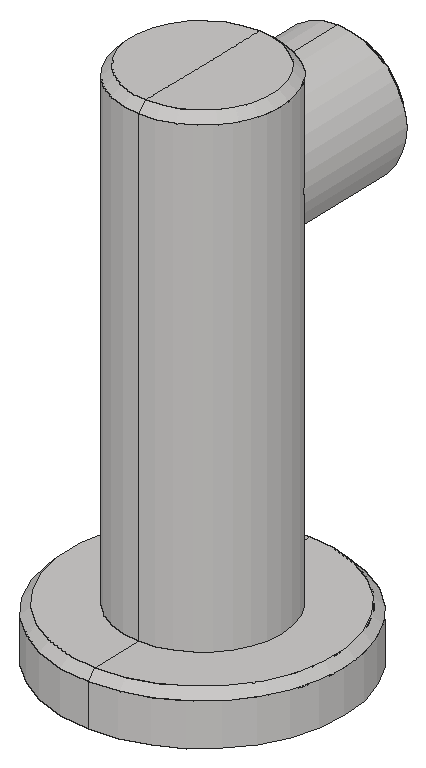
Revit family "Coat_Hook-Bobrick-Fino-B-9542", category Specialty Equipment, host Face, Revit 2018
Family settings
  Host = Face
  Round Connector Dimension = Use Diameter
  Part Type = Normal
  OmniClass Number = 23.40.20.21.31
  OmniClass Title = Robe Hooks
  Cut with Voids When Loaded = No
  Shared = Yes
  Room Calculation Point = No
Parameters (values of type "B-9542")
  URL = "https://www.bobrick.com/"
  Type Comments = ""
  Price = "Prices may vary. Please consult Manufacturer Representative for most up-to-date price list."  # constant formula
  Post Diameter = 0.75"
  Mounting Height From Floor Constrain [instance] = if(Mounting Height From Floor < 60.00", 60.00", if(Mounting Height From Floor > 66.00", 66.00", Mounting Height From Floor))  # 60.00"
  Mounting Height From Floor [instance] = 60.00"
  Model = "B-9542"
  Material = "Stainless_Steel-Bobrick-Type_303-Satin_Finish"
  Manufacturer = "Bobrick"
  Length = 2.50"
  Installation Type = "Wall Mounted"
  Hook Pin Diameter = 0.644"
  Flange Cover Diameter = 1.34"
  Finish = Stainless_Steel-Bobrick-Type_303-Satin_Finish
  Description = "Fino Collection Surface Mounted Coat Hook"
  Default Elevation = 0.00"
  Creation Date = "05/19/2021"  # constant formula
  Assembly Code = "C1030200"
Reference planes (in)
  plane 1 "Center (Front/Back)": y = 0
  plane 2: z = 0
  plane 3 "Center (Left/Right)": x = 0
  plane 4: z = 2.5
  plane 5: y = 59.33
  plane 6: y = 58.955
  plane 7: y = 60
  plane 8: y = 58.66
  plane 9: z = 2
  plane 10: z = 0.62455
  plane 11: z = 1.678
  plane 12: z = 2.322
  plane 13: y = 60.155
  plane 14: y = 59.705
  plane 15: z = 0.24
Forms (in)
  Revolve 1, solid, material "Stainless_Steel-Bobrick-Type_303-Satin_Finish" <- "Finish"
    sketch origin (0, 64.30143, 0) x (0, -1, 0) y (0, 0, -1)
      loop
        line (4.97143, 0) -> (4.30143, 0) -> (4.30143, -0.19997) -> (4.34146, -0.24) -> (4.59643, -0.24) -> (4.59643, -2.45919) -> (4.63724, -2.5) -> (4.97143, -2.5) -> (4.97143, 0)
      axis (4.97143, -2.5) -> (4.97143, 0)
    angle from 0 to 360
  Revolve 2, solid, material "Stainless_Steel-Bobrick-Type_303-Satin_Finish" <- "Finish"
    sketch origin (0, 62.96683, 0) x (0, -1, 0) y (0, 0, -1)
      loop
        line (3.63683, -2.322) -> (3.63683, -2) -> (2.81183, -2) -> (2.81183, -2.29295) -> (2.84088, -2.322) -> (3.63683, -2.322)
      axis (2.81183, -2) -> (3.63683, -2)
    angle from 0 to 360
  Revolve 3, void
    sketch origin (0, 73.07442, 0) x (0, -1, 0) y (0, 0, -1)
      loop
        line (13.74442, -0.62455) -> (13.74442, -0.52455) -> (13.07442, -0.52455) -> (13.07442, -0.62455) -> (13.74442, -0.62455)
      axis (13.07442, -0.62455) -> (13.74442, -0.62455)
    angle from 0 to 360
Cuts and joins
  Revolve 3 cuts Revolve 1
Lines and regions (in)
  Masking region 1
    outline origin (23.96867, 11.9375, 0) x (1, 0, 0) y (0, 0, -1)
      loop
        line (-24.30286, -2.5) -> (-23.63449, -2.5) -> (-23.59367, -2.45919) -> (-23.59367, -0.24) -> (-23.3387, -0.24) -> (-23.29867, -0.19997) -> (-23.29867, 0) -> (-24.63867, 0) -> (-24.63867, -0.19997) -> (-24.59865, -0.24) -> (-24.34367, -0.24) -> (-24.34367, -2.45919) -> (-24.30286, -2.5)
  symbolic lines, detail levels medium+fine
    curve 1: circle (0, 11.9375, 2) r 0.322 normal (0, -1, 0)
    curve 2: circle (0, 11.9375, 0.62455) r 0.1 normal (0, 1, 0)
  symbolic lines, detail levels fine
    curve 3: line (0.375, 11.9375, 2.45919) -> (-0.375, 11.9375, 2.45919)
    curve 4: line (0.375, 11.9375, 0.24) -> (-0.375, 11.9375, 0.24)
    curve 5: line (0.67, 11.9375, 0.19997) -> (-0.67, 11.9375, 0.19997)
    curve 6: circle (0, 11.9375, 2) r 0.29295 normal (0, 1, 0)
Dimensions and locks (in)
  host face to plane 4 = 2.50"
  "Length": plane 4 to host face
  "Flange Cover Diameter": plane 8 to plane 7
  plane 4 to plane 9 = 0.50"
  locked: Revolve 1 sketch curve to Revolve 1 sketch curve at 0.67
  locked: plane 10 to host face at 0.62455
  locked: Revolve 3 sketch curve to Revolve 3 sketch curve at 0.1
  "Hook Pin Diameter": plane 11 to plane 12
  equal spacing: plane 12, plane 9, plane 11
  "Mounting Height From Floor Constrain": plane 1 "Center (Front/Back)" to plane 7
  equal spacing: plane 8, plane 5, plane 7
  locked: Revolve 1 sketch curve to Revolve 1 sketch curve at 0.375
  plane 6 to plane 5 = 0.375"
  plane 6 to plane 13 = 1.20"
  "Post Diameter": plane 6 to plane 14
  locked: plane 15 to host face at 0.24
  aligned and locked: plane 2 to host face
  aligned and locked: level to host face
  aligned and locked: Revolve 1 sketch curve to plane 5
  aligned and locked: plane 4 to Revolve 1 sketch curve
  aligned and locked: Revolve 1 sketch curve to host face
  aligned and locked: plane 5 to Revolve 2 sketch curve
  aligned and locked: Revolve 2 sketch curve to Revolve 2 sketch curve
  aligned and locked: plane 9 to Revolve 2 sketch curve
  aligned and locked: Revolve 1 sketch curve to plane 7
  aligned and locked: curve 1 to Revolve 2
  aligned and locked: plane 10 to Revolve 3 sketch curve  (x2)
  aligned and locked: Revolve 3 sketch curve to plane 7
  aligned and locked: Revolve 3 sketch curve to plane 5
  aligned and locked: curve 2 to cut or joined group of Revolve 1, Revolve 3
  aligned and locked: Revolve 2 sketch curve to plane 13
  aligned and locked: plane 15 to Revolve 1 sketch curve
  aligned and locked: Masking region 1 sketch curve to cut or joined group of Revolve 1, Revolve 3
  aligned and locked: host face to Masking region 1 sketch curve
  aligned and locked: curve 6 to Revolve 2
Automatic sketch dimensions
  host sketch curve to host sketch curve = 96.00"
  host sketch curve to host sketch curve = 118.00"
  Revolve 3 sketch curve to Revolve 3 sketch curve = 0.39635"
  Revolve 3 sketch curve to Revolve 3 sketch curve = 0.17895"
  plane 12 to Revolve 2 sketch curve = 0.00"
  plane 12 to Revolve 2 sketch curve = 0.02905"
  plane 13 to Revolve 2 sketch curve = 0.12514"
  Revolve 2 sketch curve to plane 13 = 0.02905"
  Revolve 2 sketch curve to plane 5 = 0.13723"
  Revolve 1 sketch curve to plane 15 = 0.04003"
  Revolve 1 sketch curve to Revolve 1 sketch curve = 0.04003"
  Revolve 1 sketch curve to plane 14 = 0.04081"
  Revolve 1 sketch curve to plane 4 = 0.04081"
  Revolve 1 sketch curve to Revolve 1 sketch curve = 3.75"  (x2)
  Masking region 1 sketch curve to plane 15 = 0.00"  (x2)
  Masking region 1 sketch curve to plane 3 "Center (Left/Right)" = 0.62997"
  Masking region 1 sketch curve to plane 4 = 0.04081"  (x2)
  Masking region 1 sketch curve to plane 3 "Center (Left/Right)" = 0.375"
  Masking region 1 sketch curve to Masking region 1 sketch curve = 0.04081"  (x2)
  plane 3 "Center (Left/Right)" to Masking region 1 sketch curve = 0.33419"
  Masking region 1 sketch curve to Masking region 1 sketch curve = 0.25497"
  Masking region 1 sketch curve to Masking region 1 sketch curve = 0.04003"  (x2)
  Masking region 1 sketch curve to plane 15 = 0.04003"  (x2)
  curve 4 to plane 15 = 0.00"
  curve 4 to plane 3 "Center (Left/Right)" = 0.375"
  curve 3 to plane 4 = 0.04081"
  curve 3 to plane 3 "Center (Left/Right)" = 0.375"
  curve 5 to plane 15 = 0.04003"
  curve 5 to curve 4 = 0.295"
  plane 3 "Center (Left/Right)" to curve 3 = 0.375"
  plane 3 "Center (Left/Right)" to curve 4 = 0.375"
  curve 4 to curve 5 = 0.295"
